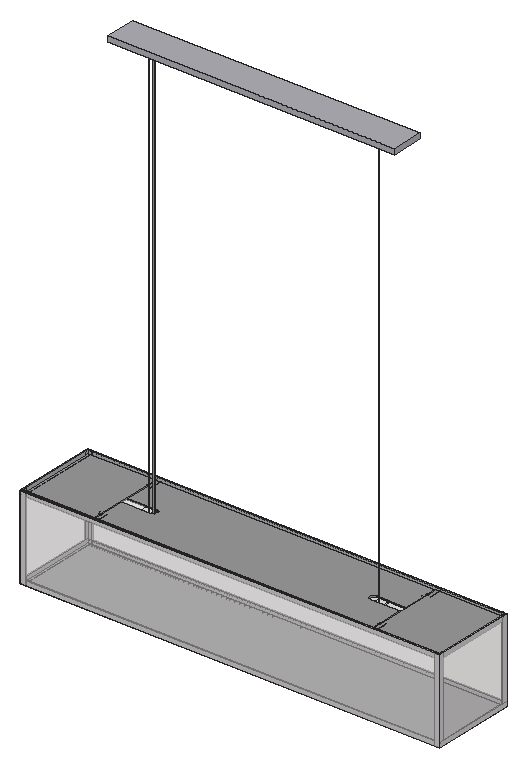
Revit family "Lighting - Lumetta - Pendant - P1260-P1266", category Lighting Fixtures, host Ceiling, Revit 2015
Parameters
  Wattage = 12.1178 W
  built-in parameter 1150110 = 1 (stored number, unit not read)
  URL = ""
  built-in parameter 1114217 = 1 (stored number, unit not read)
  Top Lens-Material [instance] = Acrylic - 2447 - White
  Top Lens [instance] = yes
  built-in parameter 1150109 = 1 (stored number, unit not read)
  built-in parameter 1150134 = (empty or 0)
  Suspension [instance] = 1
  built-in parameter 1150113 = 1 (stored number, unit not read)
  P1260 URL [instance] = "https://lumetta.com/luminaires/streamline-simple-60-pendant/"
  P1266 URL [instance] = "https://lumetta.com/luminaires/streamline-60-pendant/"
  P1260 (Check for wrap - P1266) [instance] = no
  Model = "P1260-P1266"  # constant formula
  Manufacturer = "Lumetta, Inc."  # constant formula
  Lumens = 1800 lm
  built-in parameter 1150115 = 1 (stored number, unit not read)
  built-in parameter 1150105 = 143.24 (stored number, unit not read)
  Light Source Symbol Size = 0' - 1"
  built-in parameter 1150137 = (empty or 0)
  built-in parameter 1150139 = (empty or 0)
  built-in parameter 1150112 = 1 (stored number, unit not read)
  built-in parameter 1150114 = 1 (stored number, unit not read)
  built-in parameter 1150132 = 2
  built-in parameter 1150102 = (empty or 0)
  built-in parameter 1150138 = (empty or 0)
  built-in parameter 1150107 = 3000 (stored number, unit not read)
  built-in parameter 1150106 = 1.4324 (stored number, unit not read)
  Frame Finish [instance] = Paint - Lumetta - F02 - PC_Chrome
  Fixture Drop [instance] = 5' - 0"
  Emit from Line Length = 2' - 10"
  built-in parameter 1150104 = 13.8 (stored number, unit not read)
  Dimming Lamp Color Temperature Shift = (empty or 0)
  Diffuser Material [instance] = Shade - Lumetta - D61 - MT_White
  Description = "Streamline 60'' Pendants"  # constant formula
  Coupling-Stems over 60 inches [instance] = and([2 Stems], Fixture Drop > 5' 0")  # no
  Cord Color [instance] = Cord, Black
  Cone Nut-STD-2-3Wire [instance] = Suspension = 1  # yes
  Color Filter = 16777215
  Bushing-LED-4Wire [instance] = Suspension = 2  # no
  Bottom Lens-Material [instance] = Acrylic - P95 - Etched White
  Bottom Lens [instance] = yes
  built-in parameter 1114218 = 1 (stored number, unit not read)
  built-in parameter 1150133 = 10 (stored number, unit not read)
  2 Stems [instance] = Suspension = 3  # no
  1CRD-2CBL-LED-4Wire [instance] = or(Suspension = 1, Suspension = 2)  # yes
  1 CRD-2CBL-STD [instance] = or(Suspension = 1, Suspension = 2)  # yes
Reference planes (in)
  plane 1 "Light Source Axis (F/B)": y = 0
  plane 2 "Ceiling": z = 96.01773
  plane 3 "Light Source Axis (L/R)": x = 0
  plane 4 "Light Source Elevation": z = 33.39273
  plane 5 "Fixture-Top": z = 36.01773
  plane 6 "Fixture-Height-DIFF-DIFI": z = 24.01773
  plane 7 "Left-Wrap": x = -20
  plane 8 "Right-Wrap": x = 20
  plane 9 "Lamping Start": z = 35.38052
  plane 10 "Left Stem": x = -17.25
  plane 11 "Right Stem": x = 17.25
  plane 12: x = -15.75
  plane 13: x = 15.75
  plane 14 "Right XBar": x = 20
  plane 15 "Left XBar": x = -20
  plane 16 "Left Cable": x = -16.5
  plane 17 "Right Cable": x = 16.5
  plane 18 "Frame Length-Left": x = -30
  plane 19 "Frame Length-Right": x = 30
  plane 20 "Frame Width-TOP": y = 6
  plane 21 "Frame Width-BTM": y = -6
  plane 22 "Outer Frame-Left": x = -42
  plane 23 "Outer Frame-Right": x = 42
  plane 24 "Outer Frame-Top": y = 18
  plane 25 "Outer Frame-BTM": y = -18
  plane 26 "Fixture-Height-DIFO": z = 37.01773
Forms (in)
  Extrusion 1, solid, material "Paint - Lumetta - F02 - PC_Chrome" <- "Frame Finish"
    sketch origin (0, 0, 96.01773) x (1, 0, 0) y (0, 1, 0)
      loop
        line (-20.625, -2.25) -> (20.625, -2.25) -> (20.625, 2.25) -> (-20.625, 2.25) -> (-20.625, -2.25)
    from 0 to -0.75
  Extrusion 2, solid, material "Paint - Lumetta - F02 - PC_Chrome" <- "Frame Finish"
    sketch origin (0, 0, 36.01773) x (0, -1, 0) y (1, 0, 0)
      loop
        line (-6, -30) -> (6, -30) -> (6, 30) -> (-6, 30) -> (-6, -30)
      loop
        line (-5.5, -29.5) -> (5.5, -29.5) -> (5.5, 29.5) -> (-5.5, 29.5) -> (-5.5, -29.5)
    from 0 to -0.63721
  Extrusion 3, void
    sketch origin (0, 0, 36.01773) x (0, -1, 0) y (1, 0, 0)
      loop
        line (-5.875, -29.875) -> (5.875, -29.875) -> (5.875, 29.875) -> (-5.875, 29.875) -> (-5.875, -29.875)
      loop
        line (-5.5, -29.375) -> (5.5, -29.375) -> (5.5, 29.375) -> (-5.5, 29.375) -> (-5.5, -29.375)
    from 0 to -0.51221
  Extrusion 4, solid, material "Paint - Lumetta - F02 - PC_Chrome" <- "Frame Finish"
    sketch origin (0, 0, 24.01773) x (-1, 0, 0) y (0, -1, 0)
      loop
        line (30, -6) -> (30, 6) -> (-30, 6) -> (-30, -6) -> (30, -6)
      loop
        line (29.5, -5.5) -> (29.5, 5.5) -> (-29.5, 5.5) -> (-29.5, -5.5) -> (29.5, -5.5)
    from 0 to 0.61415
  Extrusion 5, void
    sketch origin (0, 0, 24.01773) x (-1, 0, 0) y (0, -1, 0)
      loop
        line (29.875, -5.875) -> (29.875, 5.875) -> (-29.875, 5.875) -> (-29.875, -5.875) -> (29.875, -5.875)
      loop
        line (29.375, -5.5) -> (29.375, 5.5) -> (-29.5, 5.5) -> (-29.5, -5.5) -> (29.375, -5.5)
    from 0.11313 to 0.64163
  Extrusion 6, solid, material "Paint - Lumetta - F02 - PC_Chrome" <- "Frame Finish"
    sketch origin (0, 0, 36.01773) x (0, -1, 0) y (1, 0, 0)
      loop
        line (-6, 30) -> (-6, 29.375) -> (-5.875, 29.375) -> (-5.875, 29.875) -> (-5.375, 29.875) -> (-5.375, 30) -> (-6, 30)
      loop
        line (-6, -30) -> (-5.375, -30) -> (-5.375, -29.875) -> (-5.875, -29.875) -> (-5.875, -29.375) -> (-6, -29.375) -> (-6, -30)
      loop
        line (6, -30) -> (6, -29.375) -> (5.875, -29.375) -> (5.875, -29.875) -> (5.375, -29.875) -> (5.375, -30) -> (6, -30)
      loop
        line (6, 30) -> (5.375, 30) -> (5.375, 29.875) -> (5.875, 29.875) -> (5.875, 29.375) -> (6, 29.375) -> (6, 30)
    from -12 to 0
  Extrusion 7, solid, material "Paint - Lumetta - F02 - PC_Chrome" <- "Frame Finish"
    sketch origin (0, 0, 36.01773) x (0, -1, 0) y (1, 0, 0)
      loop
        line (-3.7499, -20.5) -> (-3.7499, -19.5) -> (-5.9219, -19.5) -> (-5.9219, -20.5) -> (-3.7499, -20.5)
      loop
        line (-3.7499, 20.5) -> (-5.9219, 20.5) -> (-5.9219, 19.5) -> (-3.7499, 19.5) -> (-3.7499, 20.5)
      loop
        circle (-4.2499, -20) r 0.10889
      loop
        circle (-4.2499, 20) r 0.10785
      loop
        line (3.7499, -20.5) -> (5.9219, -20.5) -> (5.9219, -19.5) -> (3.7499, -19.5) -> (3.7499, -20.5)
      loop
        line (3.7499, 20.5) -> (3.7499, 19.5) -> (5.9219, 19.5) -> (5.9219, 20.5) -> (3.7499, 20.5)
      loop
        circle (4.2499, -20) r 0.10889
      loop
        circle (4.2499, 20) r 0.10785
    from -0.4375 to -0.5
  Extrusion 8, solid, material "Paint - Lumetta - F02 - PC_Chrome" <- "Frame Finish"
    sketch origin (0, 0, 96.01773) x (1, 0, 0) y (0, 1, 0)
      loop
        circle (-12, 0) r 0.31122
      loop
        circle (12, 0) r 0.31356
    from -0.8125 to -1.1875
  Extrusion 9, solid, material "Paint - Lumetta - F02 - PC_Chrome" <- "Frame Finish", visible <- "2 Stems"
    sketch origin (18, 0.5, 96.01773) x (1, 0, 0) y (0, 1, 0)
      loop
        line (-38.75, -2.875) -> (2.75, -2.875) -> (2.75, 1.875) -> (-38.75, 1.875) -> (-38.75, -2.875)
    from -0.8125 to -0.75
  Revolve 10, solid, material "Paint - Lumetta - F02 - PC_Chrome" <- "Frame Finish", visible <- "Cone Nut-STD-2-3Wire"
    sketch origin (0, 0, 0) x (1, 0, 0) y (0, 0, 1)
      loop
        line (-15.75, 95.20523) -> (-15.75, 94.70523) -> (-15.46878, 94.70523) -> (-15.37659, 95.20523) -> (-15.75, 95.20523)
      axis (-15.75, 94.70523) -> (-15.75, 95.20523)
    angle from 0 to 360
  Extrusion 11, solid, material "Paint - Lumetta - F11 - PC_White"
    sketch origin (0, 0, 24.01773) x (0, -1, 0) y (1, 0, 0)
      loop
        line (-4.88315, -17.3125) -> (4.86685, -17.3125) -> (4.86685, -16.0625) -> (-4.88315, -16.0625) -> (-4.88315, -17.3125)
      loop
        line (-4.88315, 16.0625) -> (4.86685, 16.0625) -> (4.86685, 17.3125) -> (-4.88315, 17.3125) -> (-4.88315, 16.0625)
      loop
        circle (-4.25033, -20) r 0.10889
      loop
        circle (4.25033, -20) r 0.10889
      loop
        circle (4.2499, 20) r 0.10785
      loop
        circle (-4.2499, 20) r 0.10785
    from 11.36279 to 11.24028
  Extrusion 12, solid, material "Paint - Lumetta - F11 - PC_White"
    sketch origin (0, 0, 35.38052) x (-1, 0, 0) y (0, -1, 0)
      loop
        line (17.29, -1.54) -> (17.29, 1.54) -> (-19.93, 1.54) -> (-19.93, -1.54) -> (17.29, -1.54)
    from -0.1225 to -1.375
  Extrusion 13, solid, material "Cord, Black" <- "Cord Color", visible <- "1 CRD-2CBL-STD"
    sketch origin (0, 0, 96.01773) x (1, 0, 0) y (0, 1, 0)
      loop
        circle (-15.75, 0) r 0.1566
    from -0.75 to -60.63721
  Extrusion 14, solid, material "Steel, Galvanized", visible <- "1 CRD-2CBL-STD"
    sketch origin (0, 0, 96.01773) x (1, 0, 0) y (0, 1, 0)
      loop
        circle (-16.5, 0) r 0.03252
      loop
        circle (16.5, 0) r 0.03265
    from -0.75 to -60.63721
  Extrusion 15, solid, material "Paint - Lumetta - F02 - PC_Chrome" <- "Frame Finish", visible <- "2 Stems"
    sketch origin (0, 0, 96.01773) x (1, 0, 0) y (0, 1, 0)
      loop
        circle (-17.25, 0) r 0.25
      loop
        circle (17.25, 0) r 0.25
    from 0 to -60.63721
  Revolve 16, solid, material "Paint - Lumetta - F02 - PC_Chrome" <- "Frame Finish", visible <- "2 Stems"
    sketch origin (0, 0, 0) x (1, 0, 0) y (0, 0, 1)
      loop
        line (-17.25, 95.04898) -> (-16.95148, 95.04898)
        arc (-16.95148, 95.04898) -> (-16.71866, 95.4096) -> (-16.64788, 95.83298) r 1.06037
        line (-16.64788, 95.83298) -> (-17.25, 95.83298) -> (-17.25, 95.04898)
      axis (-17.25, 95.04898) -> (-17.25, 95.83298)
    angle from 0 to 360
  Revolve 17, solid, material "Paint - Lumetta - F02 - PC_Chrome" <- "Frame Finish", visible <- "Coupling-Stems over 60 inches"
    sketch origin (0, 0, 0) x (1, 0, 0) y (0, 0, 1)
      loop
        line (-17.25, 96.01773) -> (-16.95764, 96.01773)
        arc (-16.95764, 96.01773) -> (-16.90786, 96.0585) -> (-16.93801, 96.11534) r 0.05078
        arc (-16.93801, 96.11534) -> (-16.90686, 96.28335) -> (-16.93801, 96.45137) r 0.46875
        arc (-16.93801, 96.45137) -> (-16.90786, 96.50821) -> (-16.95764, 96.54898) r 0.05078
        line (-16.95764, 96.54898) -> (-17.25, 96.54898) -> (-17.25, 96.01773)
      axis (-17.25, 96.01773) -> (-17.25, 96.54898)
    angle from 0 to 360
  Revolve 18, solid, material "Paint - Lumetta - F02 - PC_Chrome" <- "Frame Finish", visible <- "Coupling-Stems over 60 inches"
    sketch origin (0, 0, 0) x (-1, 0, 0) y (0, 0, 1)
      loop
        line (-17.25, 96.01773) -> (-16.9562, 96.01773)
        arc (-16.9562, 96.01773) -> (-16.90642, 96.0585) -> (-16.93657, 96.11534) r 0.05078
        arc (-16.93657, 96.11534) -> (-16.90542, 96.28335) -> (-16.93657, 96.45137) r 0.46875
        arc (-16.93657, 96.45137) -> (-16.90642, 96.50821) -> (-16.9562, 96.54898) r 0.05078
        line (-16.9562, 96.54898) -> (-17.25, 96.54898) -> (-17.25, 96.01773)
      axis (-17.25, 96.01773) -> (-17.25, 96.54898)
    angle from 0 to 360
  Extrusion 19, solid, material "Paint - Lumetta - F02 - PC_Chrome" <- "Frame Finish", visible <- "P1260 (Check for wrap - P1266)"
    sketch origin (-20, 0, 0) x (0, 0, -1) y (0, -1, 0)
      loop
        line (-36.01773, 6.09375) -> (-23.89273, 6.09375) -> (-23.89273, -6.09375) -> (-36.01773, -6.09375) -> (-36.01773, -6.59375) -> (-23.39273, -6.59375) -> (-23.39273, 6.59375) -> (-36.01773, 6.59375) -> (-36.01773, 6.09375)
    from -1 to 1
  Revolve 20, solid, material "Paint - Lumetta - F02 - PC_Chrome" <- "Frame Finish", visible <- "2 Stems"
    sketch origin (0, 0, 0) x (-1, 0, 0) y (0, 0, 1)
      loop
        line (-17.25, 95.04898) -> (-16.95148, 95.04898)
        arc (-16.95148, 95.04898) -> (-16.70187, 95.31397) -> (-16.64788, 95.67398) r 0.60938
        line (-16.64788, 95.67398) -> (-17.25, 95.67398) -> (-17.25, 95.04898)
      axis (-17.25, 95.04898) -> (-17.25, 95.67398)
    angle from 0 to 360
  Extrusion 21, solid, material "Paint - Lumetta - F02 - PC_Chrome" <- "Frame Finish", visible <- "Bushing-LED-4Wire"
    sketch origin (0, 0, 96.01773) x (1, 0, 0) y (0, 1, 0)
      loop
        circle (-15.75, 0) r 0.37341
      loop
        circle (-15.75, 0) r 0.25
    from -0.91406 to -0.8125
  Extrusion 22, solid, material "Paint - Lumetta - F02 - PC_Chrome" <- "Frame Finish", visible <- "P1260 (Check for wrap - P1266)"
    sketch origin (20, 0, 0) x (0, 0, 1) y (0, -1, 0)
      loop
        line (36.01773, 6.09375) -> (36.01773, 6.59375) -> (23.39273, 6.59375) -> (23.39273, -6.59375) -> (36.01773, -6.59375) -> (36.01773, -6.09375) -> (23.89273, -6.09375) -> (23.89273, 6.09375) -> (36.01773, 6.09375)
    from -1 to 1
  Extrusion 23, solid, material "Shade - Lumetta - D61 - MT_White" <- "Diffuser Material"
    sketch origin (0, 0, 36.01773) x (0, -1, 0) y (1, 0, 0)
      loop
        line (-6, -30) -> (6, -30) -> (6, 30) -> (-6, 30) -> (-6, -30)
      loop
        line (6.0625, -30.0625) -> (6.0625, 30.0625) -> (-6.0625, 30.0625) -> (-6.0625, -30.0625) -> (6.0625, -30.0625)
    from -12 to 0
  Extrusion 24, solid, material "Acrylic - 2447 - White" <- "Top Lens-Material", visible <- "Top Lens"
    sketch origin (0, 0, 36.01773) x (0, -1, 0) y (1, 0, 0)
      loop
        line (-5.75, -29.75) -> (5.75, -29.75) -> (5.75, -20.0625) -> (4.42172, -20.0625)
        arc (4.42172, -20.0625) -> (4.25, -20.18274) -> (4.07828, -20.0625) r 0.18274
        line (4.07828, -20.0625) -> (-4.07828, -20.0625)
        arc (-4.07828, -20.0625) -> (-4.25, -20.18274) -> (-4.42172, -20.0625) r 0.18274
        line (-4.42172, -20.0625) -> (-5.75, -20.0625) -> (-5.75, -29.75)
      loop
        line (-5.75, -19.9375) -> (-4.42172, -19.9375)
        arc (-4.42172, -19.9375) -> (-4.25, -19.81726) -> (-4.07828, -19.9375) r 0.18274
        line (-4.07828, -19.9375) -> (-0.5, -19.9375) -> (-0.5, -15.75)
        arc (-0.5, -15.75) -> (0, -15.25) -> (0.5, -15.75) r 0.5
        line (0.5, -15.75) -> (0.5, -19.9375) -> (4.07828, -19.9375)
        arc (4.07828, -19.9375) -> (4.25, -19.81726) -> (4.42172, -19.9375) r 0.18274
        line (4.42172, -19.9375) -> (5.75, -19.9375) -> (5.75, 19.9375) -> (4.42172, 19.9375)
        arc (4.42172, 19.9375) -> (4.25, 19.81726) -> (4.07828, 19.9375) r 0.18274
        line (4.07828, 19.9375) -> (0.5, 19.9375) -> (0.5, 15.75)
        arc (0.5, 15.75) -> (0, 15.25) -> (-0.5, 15.75) r 0.5
        line (-0.5, 15.75) -> (-0.5, 19.9375) -> (-4.07828, 19.9375)
        arc (-4.07828, 19.9375) -> (-4.25, 19.81726) -> (-4.42172, 19.9375) r 0.18274
        line (-4.42172, 19.9375) -> (-5.75, 19.9375) -> (-5.75, -19.9375)
      loop
        line (-5.75, 29.75) -> (-5.75, 20.0625) -> (-4.42172, 20.0625)
        arc (-4.42172, 20.0625) -> (-4.25, 20.18274) -> (-4.07828, 20.0625) r 0.18274
        line (-4.07828, 20.0625) -> (4.07828, 20.0625)
        arc (4.07828, 20.0625) -> (4.25, 20.18274) -> (4.42172, 20.0625) r 0.18274
        line (4.42172, 20.0625) -> (5.75, 20.0625) -> (5.75, 29.75) -> (-5.75, 29.75)
    from -0.51221 to -0.38301
  Extrusion 25, solid, material "Acrylic - P95 - Etched White" <- "Bottom Lens-Material", visible <- "Bottom Lens"
    sketch origin (0, 0, 24.01773) x (-1, 0, 0) y (0, -1, 0)
      loop
        line (29.75, -5.75) -> (29.75, 5.75) -> (-29.75, 5.75) -> (-29.75, -5.75) -> (29.75, -5.75)
    from 0.0625 to 0.1875
Cuts and joins
  Extrusion 3, Extrusion 5 cuts Extrusion 2
  Extrusion 5 cuts Extrusion 4
Dimensions and locks (in)
  equal spacing: host sketch curve, plane 3 "Light Source Axis (L/R)", host sketch curve
  equal spacing: host sketch curve, plane 1 "Light Source Axis (F/B)", host sketch curve
  host sketch curve to host sketch curve = 10' - 0"  (x2)
  locked: plane 5 "Fixture-Top" to plane 4 "Light Source Elevation" at 2.625
  "Fixture Drop": plane 2 "Ceiling" to plane 5 "Fixture-Top"
  plane 5 "Fixture-Top" to plane 6 "Fixture-Height-DIFF-DIFI" = 1' - 0"
  locked: Extrusion 9 to Revolve 10 sketch curve at 0.5
  Extrusion 11 sketch curve to plane 3 "Light Source Axis (L/R)" = 1' - 4 1/16"
  plane 3 "Light Source Axis (L/R)" to Extrusion 11 sketch curve = 1' - 4 1/16"
  Extrusion 11 sketch curve to Extrusion 11 sketch curve = 0' - 1 1/4"  (x2)
  plane 1 "Light Source Axis (F/B)" to Extrusion 11 sketch curve = 0' - 4.88315"
  Extrusion 11 sketch curve to Extrusion 11 sketch curve = 0' - 9 3/4"
  locked: Extrusion 12 sketch curve to plane 3 "Light Source Axis (L/R)" at 17.29
  locked: imposter light to Extrusion 12 sketch curve at 1.54
  locked: plane 3 "Light Source Axis (L/R)" to Extrusion 12 sketch curve at 19.93
  locked: plane 1 "Light Source Axis (F/B)" to Extrusion 12 sketch curve at 1.54
  locked: Extrusion 9 to Revolve 16 sketch curve at 0.15625
  Revolve 17 sketch curve to level = 8' - 0.01773"
  locked: Revolve 17 sketch curve to Revolve 17 sketch curve at 0.53125
  locked: Revolve 17 sketch curve to Revolve 17 sketch curve at 0.26563
  locked: Revolve 17 sketch curve to Revolve 17 sketch curve at 0.05078  (x2)
  locked: Revolve 18 sketch curve to Revolve 18 sketch curve at 0.53125
  locked: Revolve 18 sketch curve to Revolve 18 sketch curve at 0.26563
  locked: Revolve 18 sketch curve to Revolve 18 sketch curve at 0.05078  (x2)
  Extrusion 19 sketch curve to Extrusion 19 sketch curve = 0' - 0 1/2"
  locked: Extrusion 19 sketch curve to Extrusion 19 sketch curve at 0.5  (x2)
  locked: Extrusion 21 sketch curve to plane 3 "Light Source Axis (L/R)" at 15.75  (x2)
  locked: Extrusion 22 sketch curve to Extrusion 22 sketch curve at 0.5  (x3)
  Extrusion 19 to plane 1 "Light Source Axis (F/B)" = 0' - 6 3/32"
  plane 1 "Light Source Axis (F/B)" to Extrusion 19 = 0' - 6 3/32"
  locked: Revolve 18 sketch curve to plane 5 "Fixture-Top" at 60
  locked: Revolve 17 sketch curve to plane 5 "Fixture-Top" at 60
  plane 5 "Fixture-Top" to plane 9 "Lamping Start" = 0' - 0.63721"
  locked: plane 9 "Lamping Start" to Extrusion 12 at 1.375
  locked: cut or joined group of Extrusion 2, Extrusion 3, Extrusion 5 to Extrusion 23 sketch curve at 0.0625
  locked: cut or joined group of Extrusion 4, Extrusion 5 to plane 6 "Fixture-Height-DIFF-DIFI" at 0.11313
  locked: cut or joined group of Extrusion 4, Extrusion 5 to plane 6 "Fixture-Height-DIFF-DIFI" at 0.61415
  cut or joined group of Extrusion 2, Extrusion 3, Extrusion 5 to plane 9 "Lamping Start" = 0' - 0 1/8"
  locked: Extrusion 24 to cut or joined group of Extrusion 2, Extrusion 3, Extrusion 5 at 0.1292
  equal spacing: Extrusion 14 sketch curve, plane 3 "Light Source Axis (L/R)", Extrusion 14 sketch curve
  plane 3 "Light Source Axis (L/R)" to Revolve 10 sketch curve = 1' - 3 3/4"
  equal spacing: Extrusion 8 sketch curve, plane 3 "Light Source Axis (L/R)", Extrusion 8 sketch curve
  Extrusion 8 sketch curve to Extrusion 8 sketch curve = 2' - 0"
  equal spacing: Extrusion 24 sketch curve, plane 3 "Light Source Axis (L/R)", Extrusion 24 sketch curve
  locked: Extrusion 13 sketch curve to plane 3 "Light Source Axis (L/R)" at 15.75
  plane 3 "Light Source Axis (L/R)" to Extrusion 15 sketch curve = 1' - 5 1/4"
  plane 3 "Light Source Axis (L/R)" to Revolve 18 sketch curve = 1' - 5 1/4"
  locked: Revolve 16 sketch curve to plane 10 "Left Stem" at 0
  locked: Revolve 16 sketch curve to Revolve 16 sketch curve at 0.45748
  locked: plane 11 "Right Stem" to Revolve 20 sketch curve at 0  (x2)
  locked: Revolve 20 sketch curve to plane 11 "Right Stem" at 0
  locked: Revolve 17 sketch curve to plane 10 "Left Stem" at 0  (x2)
  locked: Revolve 17 sketch curve to plane 10 "Left Stem" at 0.29236  (x2)
  locked: plane 10 "Left Stem" to Revolve 17 sketch curve at 0.12561
  locked: Revolve 18 sketch curve to plane 11 "Right Stem" at 0  (x2)
  locked: plane 11 "Right Stem" to Revolve 18 sketch curve at 0.2938  (x2)
  locked: Revolve 18 sketch curve to plane 11 "Right Stem" at 0.12417
  locked: plane 12 to Revolve 10 sketch curve at 0
  Revolve 10 sketch curve to plane 12 = 0' - 0"
  locked: Revolve 10 sketch curve to plane 12 at 0.37341
  locked: Revolve 10 sketch curve to plane 12 at 0.28122
  locked: plane 3 "Light Source Axis (L/R)" to plane 12 at 15.75
  equal spacing: plane 13, plane 3 "Light Source Axis (L/R)", plane 12
  locked: Extrusion 24 sketch curve to plane 3 "Light Source Axis (L/R)" at 15.75
  locked: plane 9 "Lamping Start" to Extrusion 12 at 0.1225
  equal spacing: plane 15 "Left XBar", plane 3 "Light Source Axis (L/R)", plane 14 "Right XBar"
  locked: plane 15 "Left XBar" to plane 14 "Right XBar" at 40
  equal spacing: plane 16 "Left Cable", plane 3 "Light Source Axis (L/R)", plane 17 "Right Cable"
  locked: plane 16 "Left Cable" to plane 17 "Right Cable" at 33
  locked: Extrusion 14 sketch curve to plane 16 "Left Cable" at 0
  equal spacing: plane 7 "Left-Wrap", plane 3 "Light Source Axis (L/R)", plane 8 "Right-Wrap"
  plane 7 "Left-Wrap" to plane 8 "Right-Wrap" = 3' - 4"
  equal spacing: plane 10 "Left Stem", plane 3 "Light Source Axis (L/R)", plane 11 "Right Stem"
  locked: plane 10 "Left Stem" to plane 11 "Right Stem" at 34.5
  equal spacing: plane 18 "Frame Length-Left", plane 3 "Light Source Axis (L/R)", plane 19 "Frame Length-Right"
  locked: plane 18 "Frame Length-Left" to plane 19 "Frame Length-Right" at 60
  equal spacing: plane 20 "Frame Width-TOP", plane 1 "Light Source Axis (F/B)", plane 21 "Frame Width-BTM"
  locked: plane 20 "Frame Width-TOP" to plane 21 "Frame Width-BTM" at 12
  equal spacing: plane 22 "Outer Frame-Left", plane 3 "Light Source Axis (L/R)", plane 23 "Outer Frame-Right"
  equal spacing: plane 25 "Outer Frame-BTM", plane 1 "Light Source Axis (F/B)", plane 24 "Outer Frame-Top"
  locked: plane 22 "Outer Frame-Left" to plane 23 "Outer Frame-Right" at 84
  locked: plane 24 "Outer Frame-Top" to plane 25 "Outer Frame-BTM" at 36
  locked: Extrusion 6 sketch curve to plane 18 "Frame Length-Left" at 0  (x2)
  locked: Extrusion 6 sketch curve to plane 20 "Frame Width-TOP" at 0  (x2)
  locked: Extrusion 6 sketch curve to plane 21 "Frame Width-BTM" at 0  (x2)
  locked: Extrusion 6 sketch curve to plane 19 "Frame Length-Right" at 0  (x2)
  locked: Extrusion 6 sketch curve to plane 19 "Frame Length-Right" at 0.625  (x2)
  locked: Extrusion 6 sketch curve to plane 20 "Frame Width-TOP" at 0.625
  locked: Extrusion 6 sketch curve to plane 21 "Frame Width-BTM" at 0.625
  locked: plane 18 "Frame Length-Left" to Extrusion 6 sketch curve at 0.625  (x2)
  locked: plane 20 "Frame Width-TOP" to Extrusion 6 sketch curve at 0.625
  locked: plane 21 "Frame Width-BTM" to Extrusion 6 sketch curve at 0.625
  Extrusion 23 to plane 19 "Frame Length-Right" = 0' - 0"
  locked: plane 19 "Frame Length-Right" to Extrusion 2 sketch curve
  locked: Extrusion 2 sketch curve to plane 20 "Frame Width-TOP" at 0
  locked: Extrusion 2 sketch curve to plane 21 "Frame Width-BTM" at 0
  locked: plane 18 "Frame Length-Left" to Extrusion 5 sketch curve at 0.125
  locked: Extrusion 5 sketch curve to Extrusion 5 sketch curve at 0.5
  locked: Extrusion 5 sketch curve to plane 19 "Frame Length-Right" at 0.125
  locked: Extrusion 5 sketch curve to plane 19 "Frame Length-Right" at 0.5
  locked: plane 18 "Frame Length-Left" to Extrusion 2 sketch curve
  locked: Extrusion 2 sketch curve to Extrusion 2 sketch curve at 0.5
  locked: plane 18 "Frame Length-Left" to Extrusion 3 sketch curve at 0.125
  locked: Extrusion 3 sketch curve to Extrusion 3 sketch curve at 0.5  (x2)
  locked: Extrusion 3 sketch curve to plane 19 "Frame Length-Right" at 0.125
  locked: plane 18 "Frame Length-Left" to Extrusion 4 sketch curve
  locked: Extrusion 4 sketch curve to Extrusion 4 sketch curve at 0.5  (x2)
  locked: Extrusion 4 sketch curve to plane 19 "Frame Length-Right"
  locked: Extrusion 25 sketch curve to plane 19 "Frame Length-Right" at 0.25
  locked: Extrusion 25 sketch curve to plane 20 "Frame Width-TOP" at 0.25
  locked: Extrusion 25 sketch curve to plane 21 "Frame Width-BTM" at 0.25
  locked: plane 18 "Frame Length-Left" to Extrusion 25 sketch curve at 0.25
  locked: Extrusion 23 sketch curve to cut or joined group of Extrusion 2, Extrusion 3, Extrusion 5 at 0.0625  (x3)
  locked: plane 18 "Frame Length-Left" to Extrusion 24 sketch curve at 0.25
  locked: Extrusion 24 sketch curve to plane 20 "Frame Width-TOP" at 0.25  (x2)
  locked: Extrusion 24 sketch curve to plane 21 "Frame Width-BTM" at 0.25  (x2)
  locked: plane 20 "Frame Width-TOP" to Extrusion 24 sketch curve at 0.25
  locked: plane 21 "Frame Width-BTM" to Extrusion 24 sketch curve at 0.25
  locked: Extrusion 24 sketch curve to plane 19 "Frame Length-Right" at 0.25
  locked: Extrusion 19 sketch curve to plane 20 "Frame Width-TOP" at 0.09375
  locked: plane 21 "Frame Width-BTM" to Extrusion 19 sketch curve at 0.09375
  locked: plane 6 "Fixture-Height-DIFF-DIFI" to Extrusion 19 sketch curve at 0.125
  locked: Extrusion 22 sketch curve to plane 20 "Frame Width-TOP" at 0.09375
  locked: plane 21 "Frame Width-BTM" to Extrusion 22 sketch curve at 0.09375
  locked: plane 6 "Fixture-Height-DIFF-DIFI" to Extrusion 22 sketch curve at 0.125
  equal spacing: Extrusion 9 sketch curve, plane 1 "Light Source Axis (F/B)", Extrusion 9 sketch curve
  equal spacing: Extrusion 9 sketch curve, plane 3 "Light Source Axis (L/R)", Extrusion 9 sketch curve
  locked: Extrusion 9 sketch curve to Extrusion 9 sketch curve at 41.5
  locked: Extrusion 9 sketch curve to Extrusion 9 sketch curve at 4.75
  locked: Extrusion 9 to Extrusion 1 sketch curve at 0.125  (x3)
  locked: Extrusion 1 sketch curve to Extrusion 9 at 0.125
  locked: Extrusion 7 sketch curve to Extrusion 7 sketch curve at 2.172  (x4)
  locked: Extrusion 7 sketch curve to Extrusion 7 sketch curve at 0.5  (x4)
  locked: Extrusion 7 sketch curve to plane 15 "Left XBar" at 0  (x2)
  locked: Extrusion 7 sketch curve to plane 14 "Right XBar" at 0  (x2)
  equal spacing: Extrusion 7 sketch curve, plane 15 "Left XBar", Extrusion 7 sketch curve  (x2)
  equal spacing: Extrusion 7 sketch curve, plane 14 "Right XBar", Extrusion 7 sketch curve  (x2)
  locked: Extrusion 7 sketch curve to plane 15 "Left XBar" at 0.5  (x2)
  locked: plane 14 "Right XBar" to Extrusion 7 sketch curve at 0.5  (x2)
  locked: Extrusion 7 sketch curve to plane 20 "Frame Width-TOP" at 0.0781
  locked: plane 21 "Frame Width-BTM" to Extrusion 7 sketch curve at 0.0781
  locked: Extrusion 7 sketch curve to plane 21 "Frame Width-BTM" at 0.0781
  locked: plane 20 "Frame Width-TOP" to Extrusion 7 sketch curve at 0.0781
  locked: Extrusion 11 sketch curve to plane 20 "Frame Width-TOP" at 1.11685  (x2)
  locked: Extrusion 11 sketch curve to plane 21 "Frame Width-BTM" at 1.13315  (x2)
  Extrusion 11 sketch curve to Extrusion 11 sketch curve = 0' - 0.61695"
  locked: Extrusion 11 sketch curve to plane 15 "Left XBar" at 0  (x2)
  locked: Extrusion 11 sketch curve to plane 14 "Right XBar" at 0
  locked: Extrusion 23 to plane 6 "Fixture-Height-DIFF-DIFI" at 0
  locked: Extrusion 6 to plane 6 "Fixture-Height-DIFF-DIFI" at 0
  locked: Extrusion 15 sketch curve to plane 10 "Left Stem"
  locked: plane 11 "Right Stem" to Extrusion 15 sketch curve
  Extrusion 24 sketch curve to Extrusion 24 sketch curve = 0' - 8 1/2"  (x4)
  equal spacing: Extrusion 24 sketch curve, plane 1 "Light Source Axis (F/B)", Extrusion 24 sketch curve  (x3)
  equal spacing: Extrusion 24 sketch curve, imposter light, Extrusion 24 sketch curve
  equal spacing: Extrusion 11 sketch curve, plane 1 "Light Source Axis (F/B)", Extrusion 11 sketch curve
  locked: Extrusion 11 sketch curve to Extrusion 11 sketch curve at 0.63325
  equal spacing: Extrusion 11 sketch curve, imposter light, Extrusion 11 sketch curve
  locked: Extrusion 11 sketch curve to Extrusion 11 sketch curve at 0.63281
  aligned and locked: plane 3 "Light Source Axis (L/R)" to imposter light
  aligned and locked: plane 1 "Light Source Axis (F/B)" to imposter light
  aligned and locked: plane 4 "Light Source Elevation" to imposter light
  aligned and locked: Extrusion 13 to Extrusion 1
  aligned and locked: plane 2 "Ceiling" to Extrusion 15
  aligned and locked: Extrusion 19 sketch curve to plane 5 "Fixture-Top"
  aligned and locked: Extrusion 22 sketch curve to plane 5 "Fixture-Top"  (x2)
  aligned and locked: Extrusion 13 to plane 9 "Lamping Start"
  aligned and locked: Extrusion 14 to plane 9 "Lamping Start"
  aligned and locked: cut or joined group of Extrusion 2, Extrusion 3, Extrusion 5 to Extrusion 19
  aligned and locked: Extrusion 15 to Extrusion 13
  aligned and locked: Extrusion 4 to plane 6 "Fixture-Height-DIFF-DIFI"
  aligned and locked: cut or joined group of Extrusion 2, Extrusion 3, Extrusion 5 to Extrusion 5 sketch curve  (x2)
  aligned and locked: cut or joined group of Extrusion 2, Extrusion 3, Extrusion 5 to Extrusion 24
  aligned and locked: Extrusion 2 to plane 9 "Lamping Start"
  aligned and locked: Extrusion 11 to Extrusion 12
  aligned and locked: Extrusion 11 to cut or joined group of Extrusion 2, Extrusion 3, Extrusion 5
  aligned and locked: plane 18 "Frame Length-Left" to Extrusion 23 sketch curve
  aligned and locked: Extrusion 23 sketch curve to plane 20 "Frame Width-TOP"
  aligned and locked: Extrusion 23 sketch curve to plane 19 "Frame Length-Right"
  aligned and locked: plane 21 "Frame Width-BTM" to Extrusion 23 sketch curve
  aligned and locked: Extrusion 6 to plane 5 "Fixture-Top"
Automatic sketch dimensions
  plane 1 "Light Source Axis (F/B)" to Extrusion 13 sketch curve = 0' - 0"
  plane 1 "Light Source Axis (F/B)" to Extrusion 14 sketch curve = 0' - 0"  (x2)
  plane 1 "Light Source Axis (F/B)" to Extrusion 15 sketch curve = 0' - 0"  (x2)
  Revolve 17 sketch curve to Revolve 17 sketch curve = 0' - 0.01964"
  plane 2 "Ceiling" to Revolve 17 sketch curve = 0' - 4 17/32"
  Revolve 17 sketch curve to Revolve 17 sketch curve = 0' - 0"
  Revolve 18 sketch curve to Revolve 18 sketch curve = 0' - 0.01964"
  Revolve 18 sketch curve to plane 2 "Ceiling" = 0' - 4 17/32"
  Revolve 18 sketch curve to Revolve 18 sketch curve = 0' - 0"
  plane 5 "Fixture-Top" to Extrusion 19 sketch curve = 0' - 0"
  plane 2 "Ceiling" to Revolve 20 sketch curve = 0' - 0 31/32"
  plane 2 "Ceiling" to Revolve 20 sketch curve = 0' - 0 7/16"
  Revolve 20 sketch curve to plane 2 "Ceiling" = 0' - 0.53351"
  Revolve 20 sketch curve to Revolve 20 sketch curve = 0' - 2.40399"
  Extrusion 21 sketch curve to Extrusion 21 sketch curve = 0' - 0"
  plane 1 "Light Source Axis (F/B)" to Extrusion 21 sketch curve = 0' - 0"
  Revolve 16 sketch curve to plane 2 "Ceiling" = 0' - 0.18475"
  Revolve 16 sketch curve to Revolve 16 sketch curve = 1' - 1 19/32"
  plane 2 "Ceiling" to Revolve 16 sketch curve = 0' - 2 15/16"
  Revolve 16 sketch curve to plane 10 "Left Stem" = 0' - 0"
  Revolve 16 sketch curve to Revolve 16 sketch curve = 0' - 0.29852"
  Revolve 16 sketch curve to Revolve 16 sketch curve = 0' - 0.60212"
  Revolve 20 sketch curve to Revolve 20 sketch curve = 0' - 0.60212"
  Revolve 20 sketch curve to Revolve 20 sketch curve = 0' - 0.29852"
  Revolve 10 sketch curve to Revolve 10 sketch curve = 0' - 0"
  plane 2 "Ceiling" to Revolve 10 sketch curve = 0' - 2 11/16"
  Extrusion 6 sketch curve to plane 20 "Frame Width-TOP" = 0' - 0 1/8"  (x2)
  plane 21 "Frame Width-BTM" to Extrusion 6 sketch curve = 0' - 0 1/8"  (x2)
  plane 18 "Frame Length-Left" to Extrusion 6 sketch curve = 0' - 0 1/8"  (x2)
  Extrusion 6 sketch curve to plane 19 "Frame Length-Right" = 0' - 0 1/8"
  Extrusion 6 sketch curve to Extrusion 6 sketch curve = 0' - 0 1/8"
  Extrusion 5 sketch curve to plane 20 "Frame Width-TOP" = 0' - 0 1/8"
  plane 21 "Frame Width-BTM" to Extrusion 5 sketch curve = 0' - 0 1/8"
  Extrusion 2 sketch curve to plane 20 "Frame Width-TOP" = 0' - 0 1/2"
  plane 21 "Frame Width-BTM" to Extrusion 2 sketch curve = 0' - 0 1/2"
  Extrusion 2 sketch curve to plane 19 "Frame Length-Right" = 0' - 0 1/2"
  Extrusion 3 sketch curve to plane 20 "Frame Width-TOP" = 0' - 0 1/8"
  Extrusion 3 sketch curve to plane 20 "Frame Width-TOP" = 0' - 0 1/2"
  plane 21 "Frame Width-BTM" to Extrusion 3 sketch curve = 0' - 0 1/2"
  plane 21 "Frame Width-BTM" to Extrusion 3 sketch curve = 0' - 0 1/8"
  Extrusion 4 sketch curve to plane 20 "Frame Width-TOP" = 0' - 0"
  Extrusion 4 sketch curve to plane 21 "Frame Width-BTM" = 0' - 0"
  Extrusion 4 sketch curve to plane 20 "Frame Width-TOP" = 0' - 0 1/2"
  plane 21 "Frame Width-BTM" to Extrusion 4 sketch curve = 0' - 0 1/2"
  Extrusion 24 sketch curve to Extrusion 24 sketch curve = 0' - 0"  (x9)
  Extrusion 24 sketch curve to plane 15 "Left XBar" = 0' - 0"  (x2)
  Extrusion 24 sketch curve to plane 14 "Right XBar" = 0' - 0"  (x2)
  plane 1 "Light Source Axis (F/B)" to Extrusion 24 sketch curve = 0' - 0"  (x2)
  Extrusion 24 sketch curve to plane 14 "Right XBar" = 0' - 0 1/16"  (x4)
  Extrusion 24 sketch curve to plane 1 "Light Source Axis (F/B)" = 0' - 0 1/2"  (x2)
  plane 15 "Left XBar" to Extrusion 24 sketch curve = 0' - 0 1/16"  (x4)
  Extrusion 24 sketch curve to plane 15 "Left XBar" = 0' - 0 1/16"  (x3)
  Extrusion 24 sketch curve to Extrusion 24 sketch curve = 0' - 0.17172"  (x4)
  plane 14 "Right XBar" to Extrusion 24 sketch curve = 0' - 0 1/16"  (x2)
  Revolve 10 sketch curve to Revolve 10 sketch curve = 0' - 0 1/2"
  Extrusion 11 sketch curve to plane 14 "Right XBar" = 0' - 0"
  plane 1 "Light Source Axis (F/B)" to Extrusion 8 sketch curve = 0' - 0"  (x2)
  radius of Extrusion 7 sketch curve = 0' - 0.10889"  (x2)
  radius of Extrusion 7 sketch curve = 0' - 0.10785"  (x2)
  radius of Extrusion 13 sketch curve = 0' - 0.1566"
  radius of Extrusion 14 sketch curve = 0' - 0.03252"
  radius of Extrusion 14 sketch curve = 0' - 0.03265"
  radius of Extrusion 15 sketch curve = 0' - 0 1/4"  (x2)
  radius of Extrusion 21 sketch curve = 0' - 0.37341"
  radius of Extrusion 21 sketch curve = 0' - 0 1/4"
  radius of Extrusion 11 sketch curve = 0' - 0.10889"  (x2)
  radius of Extrusion 11 sketch curve = 0' - 0.10785"  (x2)
  radius of Extrusion 8 sketch curve = 0' - 0.31122"
  radius of Extrusion 8 sketch curve = 0' - 0.31356"
